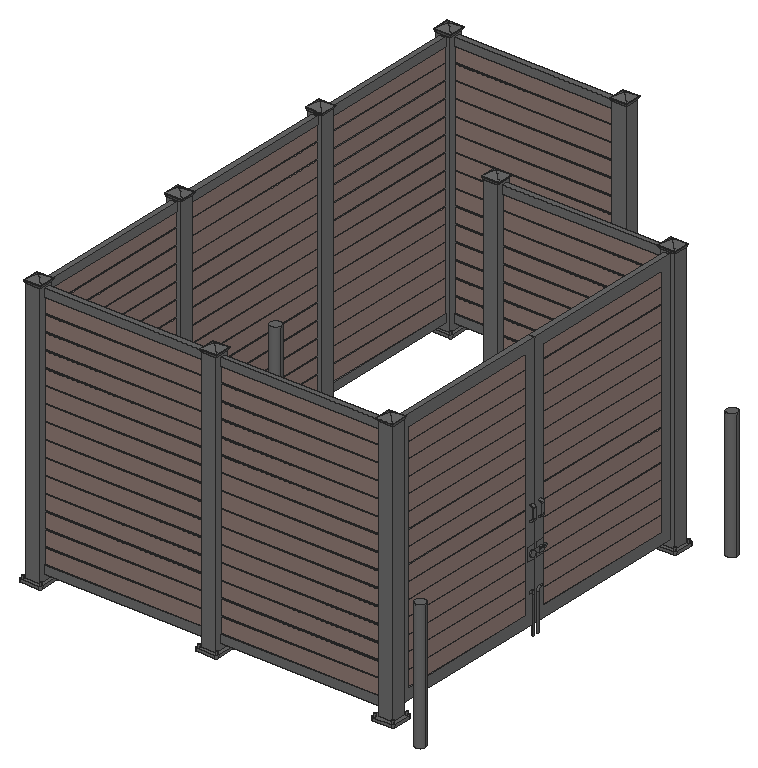
Revit family "Enclosure_System-CityScapes-Covrit-1111_ADA", category Specialty Equipment, Revit 2026
Family settings
  Round Connector Dimension = Use Diameter
  Part Type = Normal
  Work Plane-Based = No
  Enable Cutting in Views = No
  Always vertical = Yes
  Cut with Voids When Loaded = No
  Maintain Annotation Orientation = No
  Shared = No
  Room Calculation Point = No
Parameters (values of type "8' Height")
  Width = 11' - 0"  # constant formula
  URL = "https://cityscapesinc.com/"
  Square Posts Material [instance] = Aluminum - CityScapes - Electric Black
  Specification = "https://www.arcat.com/company/cityscapes-international-inc-40042/spec"
  Round Posts Material [instance] = Aluminum - CityScapes - Electric Black
  Product Page URL = "https://www.arcat.com/arcatcos/cos40/arc40042.html"
  Post Height = Square_Post-Covrit-CityScapes : Square Post 8'
  Panel Material [instance] = PVC Board - CityScapes - Plankwall - Sequoia
  Model = "Covrit 1111 ADA"  # constant formula
  Manufacturer = "CityScapes"  # constant formula
  Length = 16' - 0"  # constant formula
  Keynote = "32 35 00 "
  Height = 8' - 0"
  Frame Material [instance] = Aluminum - CityScapes - Electric Black
  Description = "Dumpster Enclosures, Single Walk-In, ADA"  # constant formula
  Default Elevation = 0' - 0"
  Copyright = "© 2023 ARCAT"  # constant formula
  CAD Details = "https://www.arcat.com/company/cityscapes-international-inc-40042/cad"
Types (3): name | Post Height | Height
  6' Height | Square_Post-Covrit-CityScapes : Square Post 6' | 6' - 0"
  7' Height | Square_Post-Covrit-CityScapes : Square Post 7' | 7' - 0"
  8' Height | Square_Post-Covrit-CityScapes : Square Post 8' | 8' - 0"
Reference planes (in)
  plane 1 "Center (Front/Back)": y = 0
  plane 2: z = 0
  plane 3 "Center (Left/Right)": x = 0
  plane 4: x = 66
  plane 5: x = -66
  plane 6: y = 96
  plane 7: y = -96
  plane 8: z = 99.5
  plane 9: z = 3.5
Forms (in)
  Extrusion 1, solid, material "Aluminum - CityScapes - Electric Black" <- "Round Posts Material"
    sketch origin (0, 0, 0) x (1, 0, 0) y (0, 1, 0)
      loop
        circle (82.5, -103) r 2
      loop
        circle (82.5, 42.99567) r 2
      loop
        circle (-53.99898, -60) r 2
      loop
        circle (-54, 0) r 2
    from 0 to 48
  Sweep 2, solid, material "Aluminum - CityScapes - Electric Black"
    path origin (-8.47973, -30.03543, 0) x (0, 1, 0) y (0, 0, 1)
      loop
        line (-1, 0) -> (-1, 14)
        arc (-1, 14) -> (-1.29289, 14.70711) -> (-2, 15) r 1
        line (-2, 15) -> (-2.75, 15)
    profile origin (-8.47973, -31.03543, 7) x (0, -1, 0) y (1, 0, 0)
      loop
        circle (0, 75.75) r 0.30152
  Sweep 3, solid, material "Aluminum - CityScapes - Electric Black"
    path origin (-8.5, 0, 0) x (1, 0, 0) y (0, 0, 1)
      loop
        line (75.46875, 38.76865) -> (75.96875, 38.76865)
        arc (75.96875, 38.76865) -> (76.67586, 39.06154) -> (76.96875, 39.76865) r 1
        line (76.96875, 39.76865) -> (76.96875, 43.26865)
        arc (76.96875, 43.26865) -> (76.67586, 43.97576) -> (75.96875, 44.26865) r 1
        line (75.96875, 44.26865) -> (75.46875, 44.26865)
    profile origin (68.46875, 0, 41.51865) x (-1, 0, 0) y (0, -1, 0)
      loop
        line (-0.125, 27.5) -> (0.125, 27.5) -> (0.125, 28.5) -> (-0.125, 28.5) -> (-0.125, 27.5)
      loop
        line (-0.125, 32.5) -> (-0.125, 31.5) -> (0.125, 31.5) -> (0.125, 32.5) -> (-0.125, 32.5)
  Sweep 4, solid, material "Aluminum - CityScapes - Electric Black"
    path origin (-8.47973, -29.96457, 0) x (0, -1, 0) y (0, 0, -1)
      loop
        line (-1, 0) -> (-1, -14)
        arc (-1, -14) -> (-1.29289, -14.70711) -> (-2, -15) r 1
        line (-2, -15) -> (-2.75, -15)
    profile origin (-8.47973, -28.96457, 7) x (0, -1, 0) y (1, 0, 0)
      loop
        circle (0, 75.75) r 0.30152
Lines and regions (in)
  symbolic lines
    curve 1: line (66, 33.5, 0) -> (129.5, 33.5, 0)
    curve 2: arc (66, -30, 0) -> (110.90128, -11.40128, 0) -> (129.5, 33.5, 0) r 63.5
    curve 3: line (66, -93.5, 0) -> (129.5, -93.5, 0)
    curve 4: arc (66, -30, 0) -> (110.90128, -48.59872, 0) -> (129.5, -93.5, 0) r 63.5
Dimensions and locks (in)
  "Width": plane 5 to plane 4
  equal spacing: plane 5, plane 3 "Center (Left/Right)", plane 4
  "Length": plane 6 to plane 7
  equal spacing: plane 6, plane 1 "Center (Front/Back)", plane 7
  "Height": plane 8 to plane 9
  plane 8 to plane 2 = 8' - 3 1/2"
  nested 9 to level = 0' - 3 1/2"
  nested 8 to nested 8 = 0' - 3 1/8"
  plane 5 to nested 7 = 5' - 6"
  nested 4 to nested 6 to nested 14 = 5' - 6", 5' - 6"
  nested 14 to nested 1 = 5' - 0"
  locked: nested 19 to plane 2 at 27.92857
  locked: plane 9 to plane 2 at 3.5
  nested 2 to nested 13 to nested 16 = 5' - 3.49483", 5' - 3.36985"
  nested 4 to nested 5 to nested 2 = 5' - 6", 5' - 6"
  nested 4 to nested 2 = 11' - 0"
  nested 15 to nested 7 = 5' - 0"
  aligned and locked: plane 2 to level
  aligned and locked: nested 2 to plane 7
  aligned and locked: plane 4 to nested 2
  aligned and locked: plane 5 to nested 1
  aligned and locked: nested 1 to plane 6
  aligned and locked: nested 4 to plane 7
  aligned and locked: nested 7 to plane 6
  aligned and locked: nested 5 to plane 3 "Center (Left/Right)"
  aligned and locked: nested 5 to plane 7
  aligned and locked: Extrusion 1 to plane 2
  aligned and locked: nested 2 to plane 2
  aligned and locked: plane 2 to nested 2
  aligned and locked: nested 5 to plane 2
  aligned and locked: nested 7 to plane 2
  aligned and locked: plane 2 to nested 5
  aligned and locked: plane 6 to nested 3
  aligned and locked: nested 8 to plane 7
  aligned and locked: nested 9 to plane 7
  aligned and locked: plane 4 to nested 12
  aligned and locked: plane 4 to nested 13
Automatic sketch dimensions
  plane 5 to Extrusion 1 sketch curve = 1' - 0"
  plane 5 to Extrusion 1 sketch curve = 1' - 0.00102"
  Extrusion 1 sketch curve to plane 7 = 0' - 7"
  plane 4 to Extrusion 1 sketch curve = 1' - 4 1/2"  (x2)
  Extrusion 1 sketch curve to plane 6 = 4' - 5.00433"
  Extrusion 1 sketch curve to plane 1 "Center (Front/Back)" = 0' - 0"
  Extrusion 1 sketch curve to Extrusion 1 sketch curve = 0' - 2"  (x4)
  Sweep 2 sketch curve to level = 0' - 0"
  plane 1 "Center (Front/Back)" to Sweep 2 sketch curve = 2' - 8.03543"
  Sweep 2 sketch curve to Sweep 2 sketch curve = 0' - 1"
  level to Sweep 2 sketch curve = 1' - 2"
  Sweep 2 sketch curve to Sweep 2 sketch curve = 0' - 0 3/4"
  Sweep 2 sketch curve to profile plane = 0' - 0"
  profile plane to Sweep 2 sketch curve = 6' - 3 3/4"
  Sweep 4 sketch curve to level = 0' - 0"
  plane 1 "Center (Front/Back)" to Sweep 4 sketch curve = 2' - 3.96457"
  Sweep 4 sketch curve to Sweep 4 sketch curve = 0' - 1"
  level to Sweep 4 sketch curve = 1' - 2"
  Sweep 4 sketch curve to Sweep 4 sketch curve = 0' - 0 3/4"
  Sweep 4 sketch curve to profile plane = 0' - 0"
  profile plane to Sweep 4 sketch curve = 6' - 3 3/4"
  Sweep 3 sketch curve to Sweep 3 sketch curve = 0' - 1"  (x4)
  level to Sweep 3 sketch curve = 3' - 2.76865"
  Sweep 3 sketch curve to Sweep 3 sketch curve = 0' - 3 1/2"
  Sweep 3 sketch curve to Sweep 3 sketch curve = 0' - 0 1/2"  (x2)
  profile plane to Sweep 3 sketch curve = 0' - 0 1/8"  (x2)
  Sweep 3 sketch curve to profile plane = 0' - 0 1/8"  (x2)
  plane 1 "Center (Front/Back)" to Sweep 3 sketch curve = 2' - 3 1/2"
  plane 1 "Center (Front/Back)" to Sweep 3 sketch curve = 2' - 7 1/2"
  curve 1 to plane 6 = 5' - 2 1/2"
  plane 7 to curve 3 = 0' - 2 1/2"
  plane 1 "Center (Front/Back)" to curve 2 = 2' - 6"
  plane 1 "Center (Front/Back)" to curve 4 = 2' - 6"
  Extrusion 1 sketch curve to Extrusion 1 sketch curve = 0' - 0"
  plane 7 to Extrusion 1 sketch curve = 3' - 0"
  curve 1 to plane 4 = 0' - 0"
  curve 4 to plane 4 = 0' - 0"
  curve 2 to plane 4 = 0' - 0"
  curve 3 to plane 4 = 0' - 0"
  plane 4 to Sweep 3 sketch curve = 0' - 1 15/32"
  radius of Sweep 2 sketch curve = 0' - 0.30152"
  radius of Sweep 4 sketch curve = 0' - 0.30152"
Nested families (in)
  nested 1: "Square_Post-Covrit-CityScapes" at (-66, 96, 0), type <- "Post Height", type "Square Post 8'"
  nested 2: "Square_Post-Covrit-CityScapes" at (66, -96, 0), type <- "Post Height", type "Square Post 8'"
  nested 3: "Panel-Covrit-CityScapes" at (-33, 94.96875, 3.5) x (0, 1, 0) z (0, 0, 1), FRAME MATERIAL <- "Frame Material", MATERIAL <- "Panel Material", type "Panel"
    with Panel_Length 5' - 0.73687", MATERIAL PVC Board - CityScapes - Plankwall - Sequoia, FRAME MATERIAL Aluminum - CityScapes - Electric Black
  nested 4: "Square_Post-Covrit-CityScapes" at (-66, -96, 0), type <- "Post Height", type "Square Post 8'"
  nested 5: "Square_Post-Covrit-CityScapes" at (0, -96, 0), type <- "Post Height", type "Square Post 8'"
  nested 6: "Square_Post-Covrit-CityScapes" at (-66, -30, 0), type <- "Post Height", type "Square Post 8'"
  nested 7: "Square_Post-Covrit-CityScapes" at (0, 96, 0), type <- "Post Height", type "Square Post 8'"
  nested 8: "Panel-Covrit-CityScapes" at (-33, -94.96875, 3.5) x (0, -1, 0) z (0, 0, 1), FRAME MATERIAL <- "Frame Material", MATERIAL <- "Panel Material", type "Panel"
    with Panel_Length 5' - 0.73687", MATERIAL PVC Board - CityScapes - Plankwall - Sequoia, FRAME MATERIAL Aluminum - CityScapes - Electric Black
  nested 9: "Panel-Covrit-CityScapes" at (33, -94.96875, 3.5) x (0, -1, 0) z (0, 0, 1), FRAME MATERIAL <- "Frame Material", MATERIAL <- "Panel Material", type "Panel"
    with Panel_Length 5' - 0.73687", MATERIAL PVC Board - CityScapes - Plankwall - Sequoia, FRAME MATERIAL Aluminum - CityScapes - Electric Black
  nested 10: "Panel-Covrit-CityScapes" at (-64.96875, -63.06249, 3.5) x (-1, 0, 0) z (0, 0, 1), FRAME MATERIAL <- "Frame Material", MATERIAL <- "Panel Material", type "Panel"
    with Panel_Length 5' - 0.86468", MATERIAL PVC Board - CityScapes - Plankwall - Sequoia, FRAME MATERIAL Aluminum - CityScapes - Electric Black
  nested 11: "Panel-Covrit-CityScapes" at (-64.96875, 2.93751, 3.5) x (-1, 0, 0) z (0, 0, 1), FRAME MATERIAL <- "Frame Material", MATERIAL <- "Panel Material", type "Panel"
    with Panel_Length 5' - 0.86468", MATERIAL PVC Board - CityScapes - Plankwall - Sequoia, FRAME MATERIAL Aluminum - CityScapes - Electric Black
  nested 12: "Gate-Panel-CityScapes" at (64.96875, 1.75, 3.5), FRAME MATERIAL <- "Frame Material", MATERIAL <- "Panel Material", type "Gate Panel"
    with Planks Length 4' - 7 1/2", Panel_Length 5' - 3 1/2", MATERIAL PVC Board - CityScapes - Plankwall - Sequoia, FRAME MATERIAL Aluminum - CityScapes - Electric Black, Planks Qunatity Aux 15, Planks Quantity 16, Panel_Height 8' - 0", Gap Between Planks 0' - 7 1/2"
  nested 13: "Gate-Panel-CityScapes" at (64.96875, -61.75, 3.5), FRAME MATERIAL <- "Frame Material", MATERIAL <- "Panel Material", type "Gate Panel"
    with Planks Length 4' - 7 1/2", Panel_Length 5' - 3 1/2", MATERIAL PVC Board - CityScapes - Plankwall - Sequoia, FRAME MATERIAL Aluminum - CityScapes - Electric Black, Planks Qunatity Aux 15, Planks Quantity 16, Panel_Height 8' - 0", Gap Between Planks 0' - 7 1/2"
  nested 14: "Square_Post-Covrit-CityScapes" at (-66, 36, 0), type <- "Post Height", type "Square Post 8'"
  nested 15: "Square_Post-Covrit-CityScapes" at (0, 36, 0), type <- "Post Height", type "Square Post 8'"
  nested 16: "Square_Post-Covrit-CityScapes" at (66, 36, 0), type <- "Post Height", type "Square Post 8'"
  nested 17: "Panel-Covrit-CityScapes" at (33, 34.96875, 3.5) x (0, 1, 0) z (0, 0, 1), FRAME MATERIAL <- "Frame Material", MATERIAL <- "Panel Material", type "Panel"
    with Panel_Length 5' - 0.73687", MATERIAL PVC Board - CityScapes - Plankwall - Sequoia, FRAME MATERIAL Aluminum - CityScapes - Electric Black
  nested 18: "Panel-Covrit-CityScapes" at (-64.96875, 65.93751, 3.5) x (-1, 0, 0) z (0, 0, 1), FRAME MATERIAL <- "Frame Material", MATERIAL <- "Panel Material", type "Panel"
    with Panel_Length 4' - 6.86468", MATERIAL PVC Board - CityScapes - Plankwall - Sequoia, FRAME MATERIAL Aluminum - CityScapes - Electric Black
  nested 19: "Gate-CityScapes-Modern_Latch" at (66, -30, 27.92857) x (0, 1, 0) z (0, 0, 1), type "Latch"
Definition of nested family "Square_Post-Covrit-CityScapes"
  Parameters (values of type "Square Post 7'")
    TPost_Height = 7' - 4"
    Post_DIM = 0' - 8.2682"
    Post Material = none
    Default Elevation = 0' - 0"
  Types (3): name | TPost_Height | Post_DIM
    Square Post 6' | 6' - 4" | 0' - 8.26536"
    Square Post 7' | 7' - 4" | 0' - 8.2682"
    Square Post 8' | 8' - 4" | 0' - 8.2682"
  Reference planes (in)
    plane 1 "Center (Front/Back)": y = 0
    plane 2: z = 0
    plane 3 "Center (Left/Right)": x = 0
    plane 4: x = 4.1341
    plane 5: y = 4.1341
    plane 6: y = -4.1341
    plane 7: x = -4.1341
    plane 8: z = 88
  Forms (in)
    Extrusion 1, solid, material <- "Post Material"
      sketch origin (0, 0, 0) x (1, 0, 0) y (0, 1, 0)
        loop
          line (2.63157, 2.50517) -> (-2.63157, 2.50517) -> (-2.63157, -2.63015) -> (2.63157, -2.63015) -> (2.63157, 2.50517)
      from 0 to 88
    Sweep 2, solid, material <- "Post Material"
      path in 3D
        loop
          line (-2.63157, 2.50517, 88) -> (-2.63157, -2.63015, 88) -> (2.63157, -2.63015, 88) -> (2.63157, 2.50517, 88) -> (-2.63157, 2.50517, 88)
      profile origin (0, 2.50517, 88) x (0, -1, 0) y (0, 0, 1)
        loop
          line (0, 0) -> (0, 0.0625) -> (-0.5, 0.92853) -> (-0.5, 1.1985) -> (2.50517, 2.93353) -> (2.50517, 2.96962) -> (-0.53125, 1.21654) -> (-0.53125, 0.92015) -> (0, 0)
    Extrusion 3, solid, material <- "Post Material"
      sketch origin (0, 0, 0) x (1, 0, 0) y (0, 1, 0)
        loop
          line (4.1341, -3.43396) -> (4.1341, 3.43396)
          arc (4.1341, 3.43396) -> (3.92903, 3.92903) -> (3.43396, 4.1341) r 0.70014
          line (3.43396, 4.1341) -> (-3.43396, 4.1341)
          arc (-3.43396, 4.1341) -> (-3.92903, 3.92903) -> (-4.1341, 3.43396) r 0.70014
          line (-4.1341, 3.43396) -> (-4.1341, -3.43396)
          arc (-4.1341, -3.43396) -> (-3.92903, -3.92903) -> (-3.43396, -4.1341) r 0.70014
          line (-3.43396, -4.1341) -> (3.43396, -4.1341)
          arc (3.43396, -4.1341) -> (3.92903, -3.92903) -> (4.1341, -3.43396) r 0.70014
      from 0 to 1
    Extrusion 4, solid, material <- "Post Material"
      sketch origin (0, 0, 0) x (1, 0, 0) y (0, 1, 0)
        loop
          circle (-3.38236, 3.27648) r 0.32836
        loop
          circle (3.29243, 3.27648) r 0.32836
        loop
          circle (3.29243, -3.27648) r 0.32836
        loop
          circle (-3.38236, -3.27648) r 0.32836
      from 0 to 2
  Cuts and joins
    joined: Extrusion 1, Sweep 2, Extrusion 3, Extrusion 4
  Lines and regions (in)
    sketch lines
      curve 1: line (2.63157, 2.50517, 88) -> (-2.63157, 2.50517, 88)
      curve 2: line (2.63157, -2.63015, 88) -> (2.63157, 2.50517, 88)
      curve 3: line (-2.63157, -2.63015, 88) -> (2.63157, -2.63015, 88)
      curve 4: line (-2.63157, 2.50517, 88) -> (-2.63157, -2.63015, 88)
  Dimensions and locks (in)
    "Post_DIM": plane 5 to plane 6
    "Post_DIM": plane 7 to plane 4
    "TPost_Height": plane 8 to plane 2
    equal spacing: cut or joined group of Extrusion 1, Sweep 2, Extrusion 3, Extrusion 4, plane 3 "Center (Left/Right)", cut or joined group of Extrusion 1, Sweep 2, Extrusion 3, Extrusion 4
    equal spacing: plane 7, plane 3 "Center (Left/Right)", plane 4
    aligned and locked: plane 2 to level
    aligned and locked: plane 8 to Extrusion 1
    aligned and locked: Extrusion 1 to plane 2
    aligned and locked: Sweep 2 sketch curve to profile plane
    aligned and locked: cut or joined group of Extrusion 1, Sweep 2, Extrusion 3, Extrusion 4 to plane 7
    aligned and locked: plane 4 to cut or joined group of Extrusion 1, Sweep 2, Extrusion 3, Extrusion 4
  Automatic sketch dimensions
    Extrusion 3 sketch curve to plane 6 = 0' - 0"
    Extrusion 3 sketch curve to plane 5 = 0' - 0"
    Extrusion 3 sketch curve to plane 4 = 0' - 0"
    Extrusion 3 sketch curve to plane 4 = 0' - 0.70014"  (x2)
    plane 7 to Extrusion 3 sketch curve = 0' - 0.70014"  (x2)
    plane 7 to Extrusion 3 sketch curve = 0' - 0"
    plane 7 to Extrusion 4 sketch curve = 0' - 0.75175"  (x2)
    Extrusion 4 sketch curve to plane 5 = 0' - 0.85762"  (x2)
    Extrusion 4 sketch curve to Extrusion 4 sketch curve = 0' - 0.32836"  (x4)
    Extrusion 4 sketch curve to plane 4 = 0' - 0.84167"  (x2)
    plane 6 to Extrusion 4 sketch curve = 0' - 0.85762"  (x2)
    Extrusion 4 sketch curve to Extrusion 4 sketch curve = 0' - 0"  (x2)
    plane 7 to Extrusion 1 sketch curve = 0' - 1.50253"
    plane 6 to Extrusion 1 sketch curve = 0' - 1.50395"
    Extrusion 1 sketch curve to plane 4 = 0' - 1.50253"
    Extrusion 1 sketch curve to plane 5 = 0' - 1.62893"
    Sweep 2 sketch curve to profile plane = 0' - 0"
    profile plane to Sweep 2 sketch curve = 0' - 0 1/2"
    Sweep 2 sketch curve to Sweep 2 sketch curve = 0' - 0 1/32"
    profile plane to Sweep 2 sketch curve = 0' - 0 1/16"
    profile plane to Sweep 2 sketch curve = 0' - 0.92015"
    Sweep 2 sketch curve to Sweep 2 sketch curve = 0' - 0.00837"
    Sweep 2 sketch curve to Sweep 2 sketch curve = 0' - 0.26997"
    Sweep 2 sketch curve to Sweep 2 sketch curve = 0' - 0.01804"
    Sweep 2 sketch curve to profile plane = 0' - 2.50517"
    Sweep 2 sketch curve to Sweep 2 sketch curve = 0' - 1.73504"
    Sweep 2 sketch curve to Sweep 2 sketch curve = 0' - 0.03608"
Definition of nested family "Panel-Covrit-CityScapes"
  Parameters (values of type "Covrit Panel")
    Planks Qunatity Aux = (Panel_Height - (0' 3 1/8" * 2) - Gap Between Planks) / 0' 5 1/2"  # 15
    Planks Quantity = (Panel_Height - (0' 3 1/8" * 2)) / 0' 5 1/2"  # 16
    Trim_Depth = 0' - 0 23/32"
    SOLID PANEL DEPTH = 0' - 1"
    Profile_Height = 0' - 5 1/2"  # constant formula
    Panel_Length [instance] = 6' - 0"
    Panel_Height = 8' - 0"
    MATERIAL [instance] = none
    Gap Between Planks = (Planks Quantity - 1) * 0' 0 1/2"  # 0' - 7 1/2"
    FRAME WIDTH = 0' - 3 1/8"  # constant formula
    FRAME MATERIAL [instance] = none
    FRAME DEPTH = 0' - 2"  # constant formula
    Description = ""
    Default Elevation = 0' - 0"
  Reference planes (in)
    plane 1 "Center (Front/Back)": y = 0
    plane 2: z = 0
    plane 3 "Center (Left/Right)": x = 0
    plane 4 "FrameLeft": y = 36
    plane 5 "FrameRight": y = -36
    plane 6 "top": z = 96
    plane 7 "framebottom": z = 92.875
    plane 8: z = 3.125
    plane 9: z = 48
    plane 10: x = 1.03125
    plane 11: x = 2
  Forms (in)
    Extrusion 1, solid, material <- "FRAME MATERIAL"
      sketch origin (0, 0, 0) x (0, 1, 0) y (0, 0, 1)
        loop
          line (36, 0) -> (36, 3.125) -> (-36, 3.125) -> (-36, 0) -> (36, 0)
        loop
          line (36, 96) -> (-36, 96) -> (-36, 92.875) -> (36, 92.875) -> (36, 96)
      from 0 to 2
    Extrusion 2, solid
      sketch origin (0, 0, 0) x (1, 0, 0) y (0, 0, 1)
        loop
          line (1.09375, 3.125) -> (1.09375, 92.875) -> (0.96875, 92.875) -> (0.96875, 3.125) -> (1.09375, 3.125)
      from -36 to 36
  Text (in)
    text "EXTERIOR" at (58.92048, 7.19966, 0), in view "Ref. Level"
    text "EXTERIOR" at (58.92048, 7.19966, 0), in view "Ref. Level Copy 1"
    text "EXTERIOR" at (40.89755, 0, 33.52979), in view "Side"
  Dimensions and locks (in)
    "Panel_Length": plane 4 "FrameLeft" to plane 5 "FrameRight"
    equal spacing: plane 4 "FrameLeft", plane 1 "Center (Front/Back)", plane 5 "FrameRight"  (x2)
    "FRAME WIDTH": plane 6 "top" to plane 7 "framebottom"
    "FRAME WIDTH": plane 8 to plane 2
    plane 4 "FrameLeft" to plane 5 "FrameRight" = 6' - 0"  (x2)
    equal spacing: plane 6 "top", plane 9, plane 2
    "Panel_Height": plane 6 "top" to plane 2
    plane 6 "top" to plane 2 = 8' - 0"
    equal spacing: group 1, group 3, group 4, group 5, group 6, group 7, group 8, group 9, group 10, group 11, group 12, group 13, group 14, group 15, group 2  (x3)
    "FRAME DEPTH": plane 11 to plane 3 "Center (Left/Right)"
    Extrusion 2 sketch curve to plane 10 to Extrusion 2 sketch curve = 0' - 0 1/16" locked, 0' - 0 1/16" locked
    aligned and locked: plane 2 to level
    aligned and locked: plane 4 "FrameLeft" to Extrusion 1 sketch curve
    aligned and locked: plane 6 "top" to Extrusion 1 sketch curve
    aligned and locked: plane 5 "FrameRight" to Extrusion 1 sketch curve
    aligned and locked: plane 2 to Extrusion 1 sketch curve
    aligned and locked: plane 7 "framebottom" to Extrusion 1 sketch curve
    aligned and locked: Extrusion 1 sketch curve to plane 8
    aligned and locked: Extrusion 1 to plane 3 "Center (Left/Right)"
    aligned and locked: nested 1 to plane 4 "FrameLeft"
    aligned and locked: nested 1 to plane 8
    aligned and locked: plane 10 to nested 1
    aligned and locked: plane 7 "framebottom" to nested 2
    aligned and locked: plane 10 to nested 2
    aligned and locked: plane 11 to Extrusion 1
    aligned and locked: plane 8 to Extrusion 2 sketch curve
    aligned and locked: Extrusion 2 sketch curve to plane 7 "framebottom"
    aligned and locked: plane 4 "FrameLeft" to Extrusion 2
    aligned and locked: Extrusion 2 to plane 5 "FrameRight"
  Automatic sketch dimensions
    Extrusion 1 sketch curve to plane 5 "FrameRight" = 0' - 0"
    Extrusion 1 sketch curve to plane 4 "FrameLeft" = 0' - 0"
  Nested families (in)
    nested 1: "PANEL TRIM" at (1.03125, 0, 3.125), MATERIAL <- "MATERIAL", type "PANEL TRIM"
      with Profile_Length 6' - 0", Profile_Height 0' - 5 1/2"
    nested 2: "PANEL TRIM" at (1.03125, 0, 87.375), MATERIAL <- "MATERIAL", type "PANEL TRIM"
      with Profile_Length 6' - 0", Profile_Height 0' - 5 1/2"
    nested 3: "PANEL TRIM" at (1.03125, 0, 9.14286), MATERIAL <- "MATERIAL", type "PANEL TRIM"
      with Profile_Length 6' - 0", Profile_Height 0' - 5 1/2"
    nested 4: "PANEL TRIM" at (1.03125, 0, 15.16071), MATERIAL <- "MATERIAL", type "PANEL TRIM"
      with Profile_Length 6' - 0", Profile_Height 0' - 5 1/2"
    nested 5: "PANEL TRIM" at (1.03125, 0, 21.17857), MATERIAL <- "MATERIAL", type "PANEL TRIM"
      with Profile_Length 6' - 0", Profile_Height 0' - 5 1/2"
    nested 6: "PANEL TRIM" at (1.03125, 0, 27.19643), MATERIAL <- "MATERIAL", type "PANEL TRIM"
      with Profile_Length 6' - 0", Profile_Height 0' - 5 1/2"
    nested 7: "PANEL TRIM" at (1.03125, 0, 33.21429), MATERIAL <- "MATERIAL", type "PANEL TRIM"
      with Profile_Length 6' - 0", Profile_Height 0' - 5 1/2"
    nested 8: "PANEL TRIM" at (1.03125, 0, 39.23214), MATERIAL <- "MATERIAL", type "PANEL TRIM"
      with Profile_Length 6' - 0", Profile_Height 0' - 5 1/2"
    nested 9: "PANEL TRIM" at (1.03125, 0, 45.25), MATERIAL <- "MATERIAL", type "PANEL TRIM"
      with Profile_Length 6' - 0", Profile_Height 0' - 5 1/2"
    nested 10: "PANEL TRIM" at (1.03125, 0, 51.26786), MATERIAL <- "MATERIAL", type "PANEL TRIM"
      with Profile_Length 6' - 0", Profile_Height 0' - 5 1/2"
    nested 11: "PANEL TRIM" at (1.03125, 0, 57.28571), MATERIAL <- "MATERIAL", type "PANEL TRIM"
      with Profile_Length 6' - 0", Profile_Height 0' - 5 1/2"
    nested 12: "PANEL TRIM" at (1.03125, 0, 63.30357), MATERIAL <- "MATERIAL", type "PANEL TRIM"
      with Profile_Length 6' - 0", Profile_Height 0' - 5 1/2"
    nested 13: "PANEL TRIM" at (1.03125, 0, 69.32143), MATERIAL <- "MATERIAL", type "PANEL TRIM"
      with Profile_Length 6' - 0", Profile_Height 0' - 5 1/2"
    nested 14: "PANEL TRIM" at (1.03125, 0, 75.33929), MATERIAL <- "MATERIAL", type "PANEL TRIM"
      with Profile_Length 6' - 0", Profile_Height 0' - 5 1/2"
    nested 15: "PANEL TRIM" at (1.03125, 0, 81.35714), MATERIAL <- "MATERIAL", type "PANEL TRIM"
      with Profile_Length 6' - 0", Profile_Height 0' - 5 1/2"
  Definition of nested family "PANEL TRIM"
    Parameters (values of type "PANEL TRIM")
      Profile_Length = 5' - 6"
      Profile_Height = 0' - 5"
      Profile_Depth = 0' - 0 23/32"
      MATERIAL [instance] = none
      Default Elevation = 0' - 0"
    Reference planes (in)
      plane 1 "Center (Front/Back)": y = 0
      plane 2: z = 0
      plane 3 "Center (Left/Right)": x = 0
      plane 4: z = 5
      plane 5: y = 33
      plane 6: y = -33
    Forms (in)
      Extrusion 1, solid, material <- "MATERIAL"
        sketch origin (-0.35938, 0, 0) x (1, 0, 0) y (0, 1, 0)
          loop
            line (-0.14062, 33) -> (-0.14062, -33) -> (0.85938, -33) -> (0.85938, 33) -> (-0.14062, 33)
        from 0 to 5
    Dimensions and locks (in)
      equal spacing: plane 6, plane 1 "Center (Front/Back)", plane 5
      "Profile_Length": plane 6 to plane 5
      "Profile_Height": plane 4 to plane 2
      aligned and locked: plane 2 to level
      aligned and locked: plane 5 to Extrusion 1 sketch curve
      aligned and locked: Extrusion 1 sketch curve to plane 6
      aligned and locked: plane 4 to Extrusion 1
      aligned and locked: Extrusion 1 to plane 2
    Automatic sketch dimensions
      Extrusion 1 sketch curve to plane 3 "Center (Left/Right)" = 0' - 0 1/2"
      plane 3 "Center (Left/Right)" to Extrusion 1 sketch curve = 0' - 0 1/2"
Definition of nested family "Gate-Panel-CityScapes"
  Parameters (values of type "Covrit Panel 1111 -  7'")
    Planks Qunatity Aux = (Panel_Height - (0' 4" * 2) - Gap Between Planks) / 0' 5 1/2"  # 13
    Planks Quantity = (Panel_Height - (0' 4" * 2)) / 0' 5 1/2"  # 14
    Trim_Depth = 0' - 0 23/32"
    SOLID PANEL DEPTH = 0' - 1"
    Profile_Height = 0' - 5 1/2"  # constant formula
    Planks Length [instance] = Panel_Length - (FRAME WIDTH * 2)  # 5' - 4"
    Panel_Length [instance] = 6' - 0"
    Panel_Height = 7' - 0"
    MATERIAL [instance] = none
    Gap Between Planks = (Planks Quantity - 1) * 0' 0 1/2"  # 0' - 6 1/2"
    FRAME WIDTH = 0' - 4"  # constant formula
    FRAME MATERIAL [instance] = none
    FRAME DEPTH = 0' - 2"  # constant formula
    Description = ""
    Default Elevation = 0' - 0"
  Types (3): name | Planks Qunatity Aux | Planks Quantity | Planks Length | Panel_Length | Panel_Height | Gap Between Planks
    Covrit Panel 1111 -  6' | 11 | 12 | 4' - 10" | 5' - 6" | 6' - 0" | 0' - 5 1/2"
    Covrit Panel 1111 -  7' | 13 | 14 | 5' - 4" | 6' - 0" | 7' - 0" | 0' - 6 1/2"
    Covrit Panel 1111 -  8' | 15 | 16 | 5' - 4" | 6' - 0" | 8' - 0" | 0' - 7 1/2"
  Reference planes (in)
    plane 1 "Center (Front/Back)": y = 0
    plane 2: z = 0
    plane 3 "Center (Left/Right)": x = 0
    plane 4 "FrameLeft": y = 36
    plane 5 "FrameRight": y = -36
    plane 6 "top": z = 84
    plane 7 "framebottom": z = 80
    plane 8: z = 4
    plane 9: z = 42
    plane 10: x = 1.03125
    plane 11: x = 2
    plane 12: y = -32
    plane 13: y = 32
  Forms (in)
    Extrusion 1, solid, material <- "FRAME MATERIAL"
      sketch origin (0, 0, 0) x (0, 1, 0) y (0, 0, 1)
        loop
          line (36, 0) -> (36, 84) -> (-36, 84) -> (-36, 0) -> (36, 0)
        loop
          line (32, 80) -> (-32, 80) -> (-32, 4) -> (32, 4) -> (32, 80)
      from 0 to 2
    Extrusion 2, solid
      sketch origin (0, 0, 0) x (1, 0, 0) y (0, 0, 1)
        loop
          line (1.09375, 4) -> (1.09375, 80) -> (0.96875, 80) -> (0.96875, 4) -> (1.09375, 4)
      from -32 to 32
  Text (in)
    text "EXTERIOR" at (58.92048, 7.19966, 0), in view "Ref. Level"
    text "EXTERIOR" at (58.92048, 7.19966, 0), in view "Ref. Level Copy 1"
    text "EXTERIOR" at (40.89755, 0, 33.52979), in view "Side"
  Dimensions and locks (in)
    "Panel_Length": plane 4 "FrameLeft" to plane 5 "FrameRight"
    equal spacing: plane 4 "FrameLeft", plane 1 "Center (Front/Back)", plane 5 "FrameRight"  (x2)
    "FRAME WIDTH": plane 6 "top" to plane 7 "framebottom"
    "FRAME WIDTH": plane 8 to plane 2
    plane 4 "FrameLeft" to plane 5 "FrameRight" = 6' - 0"  (x2)
    equal spacing: plane 6 "top", plane 9, plane 2
    "Panel_Height": plane 6 "top" to plane 2
    plane 6 "top" to plane 2 = 7' - 0"
    equal spacing: group 1, group 3, group 4, group 5, group 6, group 7, group 8, group 9, group 10, group 11, group 12, group 13, group 2  (x3)
    "FRAME DEPTH": plane 11 to plane 3 "Center (Left/Right)"
    Extrusion 2 sketch curve to plane 10 to Extrusion 2 sketch curve = 0' - 0 1/16" locked, 0' - 0 1/16" locked
    "FRAME WIDTH": plane 5 "FrameRight" to Extrusion 1 sketch curve
    "FRAME WIDTH": Extrusion 1 sketch curve to plane 4 "FrameLeft"
    "FRAME WIDTH": plane 5 "FrameRight" to plane 12
    "FRAME WIDTH": plane 13 to plane 4 "FrameLeft"
    aligned and locked: plane 2 to level
    aligned and locked: plane 4 "FrameLeft" to Extrusion 1 sketch curve
    aligned and locked: plane 6 "top" to Extrusion 1 sketch curve
    aligned and locked: plane 5 "FrameRight" to Extrusion 1 sketch curve
    aligned and locked: plane 2 to Extrusion 1 sketch curve
    aligned and locked: plane 7 "framebottom" to Extrusion 1 sketch curve
    aligned and locked: plane 8 to Extrusion 1 sketch curve
    aligned and locked: Extrusion 1 to plane 3 "Center (Left/Right)"
    aligned and locked: nested 1 to plane 8
    aligned and locked: plane 10 to nested 1
    aligned and locked: plane 7 "framebottom" to nested 2
    aligned and locked: plane 10 to nested 2
    aligned and locked: plane 11 to Extrusion 1
    aligned and locked: plane 8 to Extrusion 2 sketch curve
    aligned and locked: Extrusion 2 sketch curve to plane 7 "framebottom"
    aligned and locked: plane 1 "Center (Front/Back)" to nested 1
    aligned and locked: plane 13 to Extrusion 2
    aligned and locked: plane 12 to Extrusion 2
  Nested families (in)
    nested 1: "PANEL TRIM" at (1.03125, 0, 4), MATERIAL <- "MATERIAL", type "PANEL TRIM"
      with Profile_Length 5' - 4", Profile_Height 0' - 5 1/2"
    nested 2: "PANEL TRIM" at (1.03125, 0, 74.5), MATERIAL <- "MATERIAL", type "PANEL TRIM"
      with Profile_Length 5' - 4", Profile_Height 0' - 5 1/2"
    nested 3: "PANEL TRIM" at (1.03125, 0, 9.875), MATERIAL <- "MATERIAL", type "PANEL TRIM"
      with Profile_Length 5' - 4", Profile_Height 0' - 5 1/2"
    nested 4: "PANEL TRIM" at (1.03125, 0, 15.75), MATERIAL <- "MATERIAL", type "PANEL TRIM"
      with Profile_Length 5' - 4", Profile_Height 0' - 5 1/2"
    nested 5: "PANEL TRIM" at (1.03125, 0, 21.625), MATERIAL <- "MATERIAL", type "PANEL TRIM"
      with Profile_Length 5' - 4", Profile_Height 0' - 5 1/2"
    nested 6: "PANEL TRIM" at (1.03125, 0, 27.5), MATERIAL <- "MATERIAL", type "PANEL TRIM"
      with Profile_Length 5' - 4", Profile_Height 0' - 5 1/2"
    nested 7: "PANEL TRIM" at (1.03125, 0, 33.375), MATERIAL <- "MATERIAL", type "PANEL TRIM"
      with Profile_Length 5' - 4", Profile_Height 0' - 5 1/2"
    nested 8: "PANEL TRIM" at (1.03125, 0, 39.25), MATERIAL <- "MATERIAL", type "PANEL TRIM"
      with Profile_Length 5' - 4", Profile_Height 0' - 5 1/2"
    nested 9: "PANEL TRIM" at (1.03125, 0, 45.125), MATERIAL <- "MATERIAL", type "PANEL TRIM"
      with Profile_Length 5' - 4", Profile_Height 0' - 5 1/2"
    nested 10: "PANEL TRIM" at (1.03125, 0, 51), MATERIAL <- "MATERIAL", type "PANEL TRIM"
      with Profile_Length 5' - 4", Profile_Height 0' - 5 1/2"
    nested 11: "PANEL TRIM" at (1.03125, 0, 56.875), MATERIAL <- "MATERIAL", type "PANEL TRIM"
      with Profile_Length 5' - 4", Profile_Height 0' - 5 1/2"
    nested 12: "PANEL TRIM" at (1.03125, 0, 62.75), MATERIAL <- "MATERIAL", type "PANEL TRIM"
      with Profile_Length 5' - 4", Profile_Height 0' - 5 1/2"
    nested 13: "PANEL TRIM" at (1.03125, 0, 68.625), MATERIAL <- "MATERIAL", type "PANEL TRIM"
      with Profile_Length 5' - 4", Profile_Height 0' - 5 1/2"
  Definition of nested family "PANEL TRIM"
    Parameters (values of type "PANEL TRIM")
      Profile_Length = 5' - 6"
      Profile_Height = 0' - 5"
      Profile_Depth = 0' - 0 23/32"
      MATERIAL [instance] = none
      Default Elevation = 0' - 0"
    Reference planes (in)
      plane 1 "Center (Front/Back)": y = 0
      plane 2: z = 0
      plane 3 "Center (Left/Right)": x = 0
      plane 4: z = 5
      plane 5: y = 33
      plane 6: y = -33
    Forms (in)
      Extrusion 1, solid, material <- "MATERIAL"
        sketch origin (-0.35938, 0, 0) x (1, 0, 0) y (0, 1, 0)
          loop
            line (-0.14062, 33) -> (-0.14062, -33) -> (0.85938, -33) -> (0.85938, 33) -> (-0.14062, 33)
        from 0 to 5
    Dimensions and locks (in)
      equal spacing: plane 6, plane 1 "Center (Front/Back)", plane 5
      "Profile_Length": plane 6 to plane 5
      "Profile_Height": plane 4 to plane 2
      aligned and locked: plane 2 to level
      aligned and locked: plane 5 to Extrusion 1 sketch curve
      aligned and locked: Extrusion 1 sketch curve to plane 6
      aligned and locked: plane 4 to Extrusion 1
      aligned and locked: Extrusion 1 to plane 2
    Automatic sketch dimensions
      Extrusion 1 sketch curve to plane 3 "Center (Left/Right)" = 0' - 0 1/2"
      plane 3 "Center (Left/Right)" to Extrusion 1 sketch curve = 0' - 0 1/2"
Definition of nested family "Gate-CityScapes-Modern_Latch"
  Parameters (values of type "Latch")
    URL = ""
    Product Page URL = ""
    Model = ""
    Manufacturer = "CityScapes"  # constant formula
    Keynote = ""
    Description = ""
    Default Elevation = 0' - 0"
    Copyright = "© 2023 ARCAT"  # constant formula
    CAD Details = ""
  Reference planes (in)
    plane 1 "Center (Front/Back)": y = 0
    plane 2: z = 0
    plane 3 "Center (Left/Right)": x = 0
    plane 4: y = -0.96875
  Forms (in)
    Extrusion 1, solid
      sketch origin (0, 0, 0) x (1, 0, 0) y (0, 0, 1)
        loop
          line (-3.5, 2.5) -> (-3.5, -2.5) -> (-0.5, -2.5) -> (-0.5, 2.5) -> (-3.5, 2.5)
        loop
          line (3.5, 2.5) -> (0.5, 2.5) -> (0.5, -2.5) -> (3.5, -2.5) -> (3.5, 2.5)
      from 0.96875 to 1.21875
    Extrusion 2, solid
      sketch origin (0, 0, 0) x (1, 0, 0) y (0, 0, 1)
        loop
          arc (-2, 0.75) -> (-2.75, 0) -> (-2, -0.75) r 0.75
          line (-2, -0.75) -> (4, -0.75)
          arc (4, -0.75) -> (4.75, 0) -> (4, 0.75) r 0.75
          line (4, 0.75) -> (-2, 0.75)
      from 1.34375 to 1.59375
    Extrusion 3, solid
      sketch origin (0, 0, 0) x (1, 0, 0) y (0, 0, 1)
        loop
          circle (-2, 0) r 1
      from 1.59375 to 2.09375
    Extrusion 4, solid
      sketch origin (0, 0, 0) x (0, 1, 0) y (0, 0, 1)
        loop
          line (-1.34375, 1) -> (-2.34375, 1) -> (-2.34375, 0.75) -> (-1.65625, 0.75) -> (-1.34375, 0.75) -> (-1.34375, 1)
        loop
          line (-1.21875, -0.75) -> (-1.71875, -0.75) -> (-1.71875, 0.6736) -> (-2.34375, 0.6736) -> (-2.34375, 0.4236) -> (-1.96732, 0.4236) -> (-1.96732, -1) -> (-1.21875, -1) -> (-1.21875, -0.75)
      from 1.00446 to 3.00446
  Cuts and joins
    joined: Extrusion 2, Extrusion 4
  Dimensions and locks (in)
    Extrusion 1 sketch curve to Extrusion 1 sketch curve to plane 3 "Center (Left/Right)" to Extrusion 1 sketch curve to Extrusion 1 sketch curve = 0' - 3" locked, 0' - 0 1/2" locked, 0' - 0 1/2" locked, 0' - 3" locked
    plane 4 to plane 1 "Center (Front/Back)" = 0' - 0 31/32"
    locked: Extrusion 1 to plane 4 at 0.25
    Extrusion 2 to Extrusion 2 to plane 4 = 0' - 0 1/4" locked, 0' - 0 3/8" locked
    locked: Extrusion 4 to Extrusion 4 at 2
    aligned and locked: plane 2 to level
    aligned and locked: Extrusion 1 to plane 4
